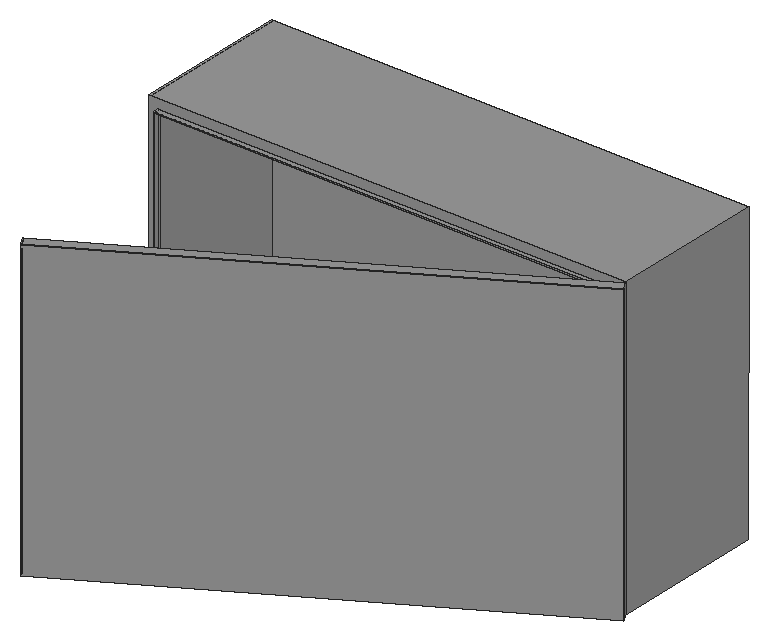
Revit family "Hager-Univers-IP55-D275-H500-Cl.II-Steel_encl-NoHosted-NL-en", category Equipement électrique, Revit 2020
Family settings
  Configuration du panneau = Deux colonnes, circuits au sein
  Cote de connecteur circulaire = Utiliser le diamètre
  Type d'élément = Tableau de raccordement
  Basée sur le plan de construction = Oui
  Toujours verticalement = Oui
  Couper avec des vides une fois chargée = Non
  Partagée = Non
  Point de calcul de pièce = Non
Parameters (values of type "Surface mounted (plaster) IP55 W800 H500 D275  - FR33S")
  Width Control [instance] = if([EF000008 - Width] > Min Width, [EF000008 - Width], Min Width)  # 800 mm
  Commentaires du type = [HG000003 - Range]  # "Univers"
  Thickness Door [instance] = if([EF009171 - Material plate thickness door/cover] > 3 mm, 3 mm, [EF009171 - Material plate thickness door/cover])  # 1.5 mm
  Seal Frame Offset [instance] = 17 mm  # constant formula
  Plinth Visibility [instance] = [HG000027 - Plinth height] > 0 mm  # no
  Min Width [instance] = 100 mm  # constant formula
  Min Depth [instance] = (2 * [EF009170 - Material plate thickness cabinet]) + 1 mm  # 4 mm
  Min Height [instance] = 100 mm  # constant formula
  Internal Frame Depth [instance] = (Door System Depth * 0.5)  # 9 mm
  Panel Name [instance] = ""  # (empty or 0)
  Model = ""
  HG000027 - Plinth height = 0 mm
  HG000026 - Floor standing = no
  HG000024 - Bottom section height = 600 mm
  HG000023 - Double section enclosure = no
  HG000016 - Door 3d visibility [instance] = yes
  HG000015 - Clearance visibility [instance] = no
  HG000014 - Door on the right [instance] = yes
  HG000013 - Door on the left [instance] = not([HG000014 - Door on the right])  # no
  HG000012 - Door swing angle [instance] = 30.00°
  HG000010 - Asymmetric doors = no
  HG000009 - Double swing door = no
  HG000006 - Flush mounted = no
  HG000004 - Manufacturer reference = "FR33S"
  HG000003 - Range = "Univers"
  HG000002 - With door or cover = yes
  Frame Offset Bottom [instance] = 10 mm  # constant formula
  Frame Offset [instance] = 15 mm  # constant formula
  EF015940 - Cover with overpressure release = no
  EF011959 - Degree of protection (NEMA) = ""
  EF009554 - Number of openings for flange plates = 6
  EF009212 - Cover model = "EV000116 - Closed"
  EF009171 - Material plate thickness door/cover = 1.5 mm
  EF009170 - Material plate thickness cabinet = 1.5 mm
  EF008873 - Nominal current (In) = 800 A
  EF007800 - Suitable for lightning protection = no
  EF006306 - With lock = no
  EF006244 - Transparent cover/door = no
  EF005474 - Degree of protection (IP) = "EV006420 - IP55"
  EF004464 - Type of door = "EV002646 - Single"
  EF004427 - Number of modules = 108
  EF004293 - Impact strength = "EV008784 - IK10"
  EF003532 - Suitable for outdoor use = no
  EF002950 - Width in number of modular spacings = 24
  EF001613 - Circuit integrity = "EV000494 - None"
  EF001596 - Material housing = "EV000179 - Steel"
  EF001131 - Internal depth = 275 mm
  EF001088 - Extension possible = yes
  EF000437 - Number of conduit inlets = 6
  EF000339 - Type of cover = "EV004216 - Door"
  EF000266 - Number of rows = 3
  EF000218 - Built-in depth = 0 mm
  EF000118 - With mounting plate = no
  EF000116 - RAL-number = "7035"
  EF000049 - Depth = 275 mm
  EF000040 - Height = 500 mm
  EF000008 - Width = 800 mm
  EF000007 - Colour = "EV000270 - Grey"
  EF000003 - Mounting method = "EV000384 - Surface mounted (plaster)"
  Door System Leaf Tolerance [instance] = 1.5 mm  # constant formula
  Door System Depth [instance] = 18 mm  # constant formula
  Door Height [instance] = Height Control - [HG000027 - Plinth height]  # 500 mm
  Description = ""
  Default Elevation = 1219.2 mm
  Connector Offset [instance] = Height Control / 2  # 250 mm
  Fabricant = "Hager"  # constant formula
  Height Control [instance] = if([EF000040 - Height] > Min Height, [EF000040 - Height], Min Height)  # 500 mm
  Depth Control [instance] = if([EF000049 - Depth] > Min Depth, [EF000049 - Depth], Min Depth)  # 275 mm
  Bottom Top Plate Trim [instance] = 1.5 mm  # constant formula
  Plinth height Ctrl [instance] = if([HG000027 - Plinth height] > 0 mm, [HG000027 - Plinth height], 12 mm)  # 12 mm
Types (5, lengths in mm): name | Width Control | HG000010 - Asymmetric doors | HG000009 - Double swing door | HG000004 - Manufacturer reference | EF009554 - Number of openings for flange plates | EF004464 - Type of door | EF004427 - Number of modules | EF000437 - Number of conduit inlets | EF000008 - Width
  Surface mounted (plaster) IP55 W1050 H500 D275  - FR34S | 1050 | no | yes | "FR34S" | 8 | "EV003602 - Double" | 144 | 8 | 1050
  Surface mounted (plaster) IP55 W1300 H500 D275  - FR35S | 1300 | yes | yes | "FR35S" | 10 | "EV003602 - Double" | 180 | 10 | 1300
  Surface mounted (plaster) IP55 W300 H500 D275  - FR31S | 300 | no | no | "FR31S" | 2 | "EV002646 - Single" | 36 | 2 | 300
  Surface mounted (plaster) IP55 W550 H500 D275  - FR32S | 550 | no | no | "FR32S" | 4 | "EV002646 - Single" | 72 | 4 | 550
  Surface mounted (plaster) IP55 W800 H500 D275  - FR33S | 800 | no | no | "FR33S" | 6 | "EV002646 - Single" | 108 | 6 | 800
Reference planes
  plane 1 "Center (Front/Back)": y = 0
  plane 2: z = 0
  plane 3 "Center (Left/Right)": x = 0
  plane 4: y = 0
  plane 5: y = 0
  plane 6: z = 0
  plane 7: x = -400
  plane 8: x = 400
  plane 9: x = 398.5
  plane 10: x = -398.5
  plane 11: z = 0
  plane 12: z = 1.5
  plane 13: y = -275
  plane 14: y = -1.5
  plane 15: x = 0
  plane 16: y = -257
  plane 17: y = -273.5
  plane 18: y = -255.5
  plane 19: x = -383.5
  plane 20: x = 383.5
  plane 21: z = 11.5
  plane 22: x = -383
  plane 23: x = 383
  plane 24: z = 0
  plane 25: z = 500
  plane 26: z = 500
  plane 27: z = 483.5
  plane 28: z = 498.5
Forms (mm)
  Extrusion 1, solid, material "Hager_Steel_RAL7035_Light_Grey", detail levels medium+fine
    sketch origin (-208.679, -4572, 0) x (-1, 0, 0) y (0, -1, 0)
      loop
        line (191.321, -4315) -> (-608.679, -4315) -> (-608.679, -4572) -> (191.321, -4572) -> (191.321, -4315)
    from 0 to 500
  Extrusion 2, void
    sketch origin (-350.771, -275, 1219.2) x (1, 0, 0) y (0, 0, 1)
      loop
        line (-47.729, -720.7) -> (-47.729, -1217.7) -> (749.271, -1217.7) -> (749.271, -720.7) -> (-47.729, -720.7)
    from -19.5 to -273.5
  Extrusion 3, void
    sketch origin (-290.084, -257, 1219.2) x (1, 0, 0) y (0, 0, 1)
      loop
        line (-93.416, -1207.7) -> (673.584, -1207.7) -> (673.584, -735.7) -> (-93.416, -735.7) -> (-93.416, -1207.7)
    from 0 to -1.5
  Extrusion 4, solid, material "Hager_Steel_RAL7035_Light_Grey", visible <- "Plinth Visibility", detail levels medium+fine
    sketch origin (0, 0, 0) x (1, 0, 0) y (0, 1, 0)
      loop
        line (-400, 0) -> (-400, -257) -> (400, -257) -> (400, 0) -> (-400, 0)
    from 0 to 12 <- "Plinth height Ctrl"
  Extrusion 5, solid, material "Hager_Steel_RAL7035_Light_Grey", detail levels coarse
    sketch origin (0, 0, 0) x (1, 0, 0) y (0, 1, 0)
      loop
        line (-400, 0) -> (-400, -275) -> (400, -275) -> (400, 0) -> (-400, 0)
    from 0 to 500 <- "Height Control"
  Sweep 6, void
    path in 3D
      loop
        line (-400, -257, 12) -> (400, -257, 12) -> (400, 0, 12) -> (-400, 0, 12) -> (-400, -257, 12)
    profile origin (-400, -128.5, 12) x (1, 0, 0) y (0, 0, 1)
      loop
        line (0, 0) -> (0, -1.5) -> (1.5, -1.5)
        arc (1.5, -1.5) -> (1.061, -0.439) -> (0, 0) r 1.5
  Extrusion 7, solid, material "Hager_Steel_RAL7035_Light_Grey", detail levels fine
    sketch origin (-400, -257, 0) x (1, 0, 0) y (0, 0, 1)
      loop
        line (16.5, 11.5) -> (783.5, 11.5) -> (783.5, 483.5) -> (16.5, 483.5) -> (16.5, 11.5)
      loop
        line (15, 10) -> (785, 10) -> (785, 485) -> (15, 485) -> (15, 10)
    from 0 to 9 <- "Internal Frame Depth"
Cuts and joins
  Extrusion 2, Extrusion 3 cuts Extrusion 1
  Sweep 6 cuts Extrusion 4
Lines and regions (mm)
  Masking region 1
    outline origin (0, 0, 0) x (1, 0, 0) y (0, 1, 0)
      loop
        line (-400, 0) -> (-400, -275) -> (400, -275) -> (400, 0) -> (-400, 0)
  Masking region 2, detail levels coarse
    outline origin (-290.084, -257, 1219.2) x (-1, 0, 0) y (0, 0, 1)
      loop
        line (-690.084, -1219.2) -> (109.916, -1219.2) -> (109.916, -719.2) -> (-690.084, -719.2) -> (-690.084, -1219.2)
  Masking region 3, detail levels coarse
    outline origin (0, 0, 0) x (0, 1, 0) y (0, 0, 1)
      loop
        line (0, 0) -> (0, 500) -> (-275, 500) -> (-275, 0) -> (0, 0)
  Masking region 4, visible <- "Plinth Visibility", detail levels medium+fine
    outline origin (0, 0, 0) x (0, 1, 0) y (0, 0, 1)
      loop
        line (-1.5, 12) -> (-255.5, 12)
        arc (-255.5, 12) -> (-255.939, 10.939) -> (-257, 10.5) r 1.5
        line (-257, 10.5) -> (-257, 0) -> (0, 0) -> (0, 10.5)
        arc (0, 10.5) -> (-1.061, 10.939) -> (-1.5, 12) r 1.5
  Masking region 5, detail levels medium+fine
    outline origin (0, 0, 594.038) x (0, 1, 0) y (0, 0, 1)
      loop
        line (0, -594.038) -> (0, -94.038) -> (-257, -94.038) -> (-257, -594.038) -> (0, -594.038)
  Masking region 6, detail levels medium+fine
    outline origin (-359.7, -257, 1211.883) x (-1, 0, 0) y (0, 0, 1)
      loop
        line (-759.7, -1211.883) -> (40.3, -1211.883) -> (40.3, -711.883) -> (-759.7, -711.883) -> (-759.7, -1211.883)
  Masking region 7, visible <- "Plinth Visibility", detail levels medium+fine
    outline origin (-320.334, -257, 1041.368) x (-1, 0, 0) y (0, 0, 1)
      loop
        line (-720.334, -1041.368) -> (79.666, -1041.368) -> (79.666, -1030.868)
        arc (79.666, -1030.868) -> (78.606, -1030.429) -> (78.166, -1029.368) r 1.5
        line (78.166, -1029.368) -> (-718.834, -1029.368)
        arc (-718.834, -1029.368) -> (-719.273, -1030.429) -> (-720.334, -1030.868) r 1.5
        line (-720.334, -1030.868) -> (-720.334, -1041.368)
  sketch lines
    curve 1: line (-400, 0, 12) -> (-400, -257, 12)
    curve 2: line (-400, -257, 12) -> (400, -257, 12)
    curve 3: line (400, 0, 12) -> (-400, 0, 12)
    curve 4: line (400, -257, 12) -> (400, 0, 12)
Dimensions and locks
  locked: plane 1 "Center (Front/Back)" to plane 5
  "EF009170 - Material plate thickness cabinet": plane 7 to plane 10
  "EF009170 - Material plate thickness cabinet": plane 8 to plane 9
  equal spacing: plane 7, plane 3 "Center (Left/Right)", plane 8
  "Width Control": plane 7 to plane 8
  "Depth Control": plane 4 to plane 13
  "EF009170 - Material plate thickness cabinet": plane 4 to plane 14
  "Height Control": plane 25 to level
  "HG000027 - Plinth height": plane 11 to level
  "EF009170 - Material plate thickness cabinet": plane 12 to plane 11
  "EF009170 - Material plate thickness cabinet": plane 17 to plane 13
  "EF009170 - Material plate thickness cabinet": plane 18 to plane 16
  "Frame Offset Bottom": plane 21 to plane 12
  "Frame Offset": plane 10 to plane 19
  "Frame Offset": plane 9 to plane 20
  "Door System Depth": plane 16 to plane 13
  "Seal Frame Offset": plane 7 to plane 22
  "Seal Frame Offset": plane 8 to plane 23
  "EF009170 - Material plate thickness cabinet": plane 26 to plane 28
  "Frame Offset": plane 28 to plane 27
  "Connector Offset": plane 2 to connector elem
  "Bottom Top Plate Trim": profile plane to Sweep 6 sketch curve
  "Bottom Top Plate Trim": Sweep 6 sketch curve to Sweep 6 sketch curve
  "Plinth height Ctrl": Masking region 4 sketch curve to level
  "Plinth height Ctrl": Masking region 7 sketch curve to level
  "Thickness Door": Extrusion 7 sketch curve to Extrusion 7 sketch curve  (x4)
  "Bottom Top Plate Trim": radius of Sweep 6 sketch curve
  "Bottom Top Plate Trim": radius of Masking region 4 sketch curve  (x2)
  "Bottom Top Plate Trim": radius of Masking region 7 sketch curve  (x2)
  aligned and locked: Extrusion 2 sketch curve to plane 12
  aligned and locked: Extrusion 2 sketch curve to plane 9
  aligned and locked: Extrusion 2 sketch curve to plane 10
  aligned and locked: Extrusion 2 to plane 14
  aligned and locked: Extrusion 1 sketch curve to plane 4
  aligned and locked: plane 8 to Extrusion 1 sketch curve
  aligned and locked: plane 7 to Extrusion 1 sketch curve
  aligned and locked: Extrusion 2 to plane 18
  aligned and locked: plane 19 to Extrusion 3 sketch curve
  aligned and locked: plane 20 to Extrusion 3 sketch curve
  aligned and locked: Extrusion 3 to Extrusion 2
  aligned and locked: Extrusion 3 sketch curve to plane 21
  aligned and locked: plane 3 "Center (Left/Right)" to nested 1
  aligned and locked: Extrusion 1 sketch curve to plane 16
  aligned and locked: Extrusion 4 sketch curve to cut or joined group of Extrusion 1, Extrusion 2, Extrusion 3
  aligned and locked: Masking region 1 sketch curve to plane 7
  aligned and locked: Masking region 1 sketch curve to plane 5
  aligned and locked: Masking region 1 sketch curve to plane 8
  aligned and locked: Masking region 2 sketch curve to level
  aligned and locked: level to Masking region 3 sketch curve
  aligned and locked: plane 1 "Center (Front/Back)" to Masking region 3 sketch curve
  aligned and locked: plane 13 to Masking region 3 sketch curve
  aligned and locked: plane 5 to Masking region 4 sketch curve
  aligned and locked: Masking region 2 sketch curve to plane 8
  aligned and locked: Masking region 2 sketch curve to plane 7
  aligned and locked: plane 7 to nested 2
  aligned and locked: nested 2 to plane 5
  aligned and locked: plane 5 to Masking region 5 sketch curve
  aligned and locked: plane 26 to Masking region 5 sketch curve
  aligned and locked: Extrusion 5 sketch curve to plane 8
  aligned and locked: Extrusion 5 sketch curve to plane 7
  aligned and locked: Extrusion 5 sketch curve to plane 5
  aligned and locked: Extrusion 3 sketch curve to plane 27
  aligned and locked: Extrusion 2 sketch curve to plane 28
  aligned and locked: Masking region 2 to plane 25
  aligned and locked: Extrusion 4 to plane 16
  aligned and locked: profile plane to Sweep 6 sketch curve
  aligned and locked: Masking region 5 sketch curve to plane 24
  aligned and locked: level to Masking region 4 sketch curve
  aligned and locked: Masking region 1 to plane 13
  aligned and locked: nested 1 to plane 16
  aligned and locked: Masking region 3 to plane 25
  aligned and locked: plane 16 to Masking region 4 sketch curve
  aligned and locked: Masking region 5 sketch curve to plane 16
  aligned and locked: plane 24 to plane 11
  aligned and locked: plane 26 to plane 25
  aligned and locked: plane 26 to cut or joined group of Extrusion 1, Extrusion 2, Extrusion 3
  aligned and locked: nested 1 to plane 24
  aligned and locked: Extrusion 1 to Extrusion 3
  aligned and locked: Masking region 6 sketch curve to plane 8
  aligned and locked: Masking region 6 sketch curve to plane 24
  aligned and locked: Masking region 6 sketch curve to plane 7
  aligned and locked: Masking region 6 sketch curve to plane 26
  aligned and locked: Masking region 7 sketch curve to plane 7
  aligned and locked: level to Masking region 7 sketch curve
  aligned and locked: Masking region 7 sketch curve to plane 8
  aligned and locked: Extrusion 7 sketch curve to cut or joined group of Extrusion 1, Extrusion 2, Extrusion 3  (x4)
Automatic sketch dimensions
  plane 19 to Extrusion 3 sketch curve = 0 mm
  Extrusion 3 sketch curve to plane 20 = 0 mm
  Extrusion 3 sketch curve to plane 21 = 0 mm
  Extrusion 4 sketch curve to plane 7 = 0 mm
  Extrusion 4 sketch curve to plane 8 = 0 mm
  Extrusion 4 sketch curve to plane 16 = 0 mm
  Masking region 1 sketch curve to plane 13 = 0 mm
  Masking region 2 sketch curve to plane 25 = 0 mm
  Masking region 3 sketch curve to plane 25 = 0 mm
  Extrusion 5 sketch curve to plane 13 = 0 mm
  profile plane to Sweep 6 sketch curve = 0 mm
Nested families
  nested 1: "EC000058_Univers_Door" at (0, -257, 0), Double <- "HG000009 - Double swing door", Transparent <- "EF006244 - Transparent cover/door", Angle <- "HG000012 - Door swing angle", Door_Right <- "HG000014 - Door on the right", Assymetrical <- "HG000010 - Asymmetric doors", Door <- "HG000002 - With door or cover", Width_Ctrl <- "Width Control", 3d_Door <- "HG000016 - Door 3d visibility", Clearance <- "HG000015 - Clearance visibility", Door_Left <- "HG000013 - Door on the left", Width <- "Width Control", Door_Depth <- "Door System Depth", Leaf_Tolerance <- "Door System Leaf Tolerance", Height <- "Door Height", Lock_Visibility <- "EF006306 - With lock", Thickness <- "Thickness Door", type "EC000058_Univers_Door", detail levels medium+fine
    with min_wh 4 mm, Width_Ctrl 800 mm, Width 800 mm, Transparent no, Thickness 1.5 mm, Seal_Material Hager_Rubber, Lock_Visibility no, Lock_Material Hager_Plastic_RAL9005_Jet_Black, Leaf_Width 800 mm, Leaf_Tolerance_External_Sides 0 mm, Leaf_Tolerance 1.5 mm, Leaf_Offset 0 mm, Leaf_Height 497 mm, Leaf_2_Width 800 mm, Leaf_2_Offset 400 mm, Leaf_1_Width 800 mm, Leaf_1_Offset 400 mm, Height_Ctrl 500 mm, Height 500 mm, Glass_Material Hager_Glass, Double_Clearance_Ctrl no, Double no, Door_Right_Ctrl yes, Door_Right yes, Door_Material Hager_Steel_RAL7035_Light_Grey, Door_Left_Ctrl no, Door_Left no, Door_Depth 18 mm, Door yes, Clearance_Material Hager_Clearance, Clearance_Depth 800 mm, Clearance_Ctrl no, Clearance no, Assymetrical no, Angle 30.00°, 3d_Door yes
  nested 2: "Hager_Enclosure_Symbol" at (-400, 0, 0), Height <- "Depth Control", Width <- "Width Control", type "Hager_Enclosure_Symbol"
    with Width_Ctrl 800 mm, Width 800 mm, Height_Ctrl 275 mm, Height 275 mm, A_Width_Int 18.047 mm, A_Width 216.562 mm, A_Height_Ctrl 240.625 mm, A_Height 240.625 mm
Connectors
  electrical at (0, 0, 250)
    settings: on plane 1 "Center (Front/Back)", index 1, voltage 0 V, apparent load 0 VA, apparent load phase1 0 VA, apparent load phase2 0 VA, apparent load phase3 0 VA, power factor 1, load classification "Other", number of poles 1, system type 30, power factor state 1, is connector primary yes, connector utility no, sub classification motor no, connector description ""
Definition of nested family "EC000058_Univers_Door"
  Parameters (values of type "EC000058_Univers_Door")
    min_wh [instance] = (2 * Thickness) + 1 mm  # 11 mm
    Width_Ctrl [instance] = 400 mm
    Width [instance] = 500 mm
    Transparent [instance] = yes
    Thickness [instance] = 5 mm
    Seal_Material [instance] = none
    Lock_Visibility [instance] = yes
    Lock_Material [instance] = none
    Leaf_Width [instance] = if((Width_Ctrl - 2 * Leaf_Tolerance_External_Sides) > 0 mm, (Width_Ctrl - 2 * Leaf_Tolerance_External_Sides), min_wh)  # 400 mm
    Leaf_Tolerance_External_Sides [instance] = 0 mm  # constant formula
    Leaf_Tolerance [instance] = 1.5 mm
    Leaf_Offset [instance] = 0 mm  # constant formula
    Leaf_Height [instance] = if((Height_Ctrl - 2 * Leaf_Tolerance) > 0 mm, (Height_Ctrl - 2 * Leaf_Tolerance), min_wh)  # 497 mm
    Leaf_2_Width [instance] = if(and(and(Double, Assymetrical), Door_Left), (Leaf_Width / 3) - (Leaf_Tolerance / 2), if(and(and(Double, Assymetrical), Door_Right), (Leaf_Width / 3) * 2 - (Leaf_Tolerance / 2), if(and(Double, not(Assymetrical)), (Leaf_Width / 2) - Leaf_Tolerance, Leaf_Width)))  # 400 mm
    Leaf_2_Offset [instance] = if(and(Double, Assymetrical), Leaf_2_Width / 2, if(and(Double, not(Assymetrical)), Leaf_Width / 4, Leaf_Width / 2))  # 200 mm
    Leaf_1_Width [instance] = if(and(and(Double, Assymetrical), Door_Right), (Leaf_Width / 3) - (Leaf_Tolerance / 2), if(and(and(Double, Assymetrical), Door_Left), (Width / 3) * 2 - (Leaf_Tolerance / 2), if(and(Double, not(Assymetrical)), (Leaf_Width / 2) - Leaf_Tolerance, Leaf_Width)))  # 400 mm
    Leaf_1_Offset [instance] = if(and(Double, Assymetrical), Leaf_1_Width / 2, if(and(Double, not(Assymetrical)), Leaf_Width / 4, Leaf_Width / 2))  # 200 mm
    Height_Ctrl [instance] = if(Height > min_wh, Height, min_wh)  # 500 mm
    Height [instance] = 500 mm
    Glass_Material [instance] = none
    Double_Clearance_Ctrl [instance] = and(Double, Clearance)  # no
    Double [instance] = no
    Door_Right_Ctrl [instance] = and(or(Door_Right, Double), Door)  # yes
    Door_Right [instance] = yes
    Door_Material [instance] = none
    Door_Left_Ctrl [instance] = and(or(Door_Left, Double), Door)  # no
    Door_Left [instance] = no
    Door_Depth [instance] = 30 mm
    Door [instance] = yes
    Default Elevation = 1219.2 mm
    Clearance_Material [instance] = none
    Clearance_Depth [instance] = if(Leaf_1_Width > Leaf_2_Width, Leaf_1_Width, Leaf_2_Width)  # 400 mm
    Clearance_Ctrl [instance] = and(not(Double), Clearance)  # yes
    Clearance [instance] = yes
    Assymetrical [instance] = yes
    Angle [instance] = 30.00°
    3d_Door [instance] = yes
  Reference planes
    plane 1 "Center (Front/Back)": y = 0
    plane 2 "Bottom": z = 0
    plane 3 "Center (Left/Right)": x = 0
    plane 4: z = 500
    plane 5: x = -200
    plane 6: x = 200
    plane 7: z = 500
    plane 8: x = -200
    plane 9: z = 0
    plane 10: x = 200
    plane 11: y = 0
    plane 12: z = 1.5
    plane 13: x = -600
    plane 14: y = -400
    plane 15: x = 600
    plane 16: x = 0
    plane 17: x = 0
    plane 18: x = -200
    plane 19: x = 200
    plane 20: z = 498.5
  Forms (mm)
    Extrusion 1, solid, material <- "Clearance_Material", visible <- "Double_Clearance_Ctrl"
      sketch origin (1200, 0, 0) x (1, 0, 0) y (0, 0, -1)
        loop
          line (-1800, -498.5) -> (-600, -498.5) -> (-600, 0) -> (-1800, 0) -> (-1800, -498.5)
      from 0 to -400
  Dimensions and locks
    equal spacing: plane 5, plane 3 "Center (Left/Right)", plane 6
    "Width_Ctrl": plane 5 to plane 6
    "Leaf_Offset": plane 5 to plane 8
    "Leaf_Offset": plane 6 to plane 10
    "Leaf_Offset": plane 9 to level
    "Leaf_Offset": plane 4 to plane 7
    "Height_Ctrl": plane 4 to level
    "Leaf_Tolerance": plane 12 to plane 9
    locked: plane 11 to plane 1 "Center (Front/Back)"
    "Leaf_1_Offset": plane 18 to plane 16
    "Leaf_2_Offset": plane 17 to plane 19
    "Leaf_1_Width": plane 13 to plane 8
    "Leaf_2_Width": plane 10 to plane 15
    "Clearance_Depth": plane 14 to plane 1 "Center (Front/Back)"
    "Leaf_Tolerance_External_Sides": plane 8 to plane 18
    "Leaf_Tolerance_External_Sides": plane 19 to plane 10
    "Leaf_Tolerance": plane 7 to plane 20
    aligned and locked: level to plane 2 "Bottom"
    aligned and locked: nested 1 to plane 16
    aligned and locked: nested 2 to plane 17
    aligned and locked: Extrusion 1 to plane 13
    aligned and locked: plane 15 to Extrusion 1
    aligned and locked: Extrusion 1 to plane 14
    aligned and locked: plane 12 to nested 1
    aligned and locked: nested 2 to plane 12
    aligned and locked: Extrusion 1 to plane 11
    aligned and locked: plane 20 to Extrusion 1
    aligned and locked: nested 2 to plane 11
    aligned and locked: nested 1 to plane 11
  Automatic sketch dimensions
    Extrusion 1 sketch curve to level = 0 mm
    plane 5 to Extrusion 1 sketch curve = 400 mm
    plane 6 to Extrusion 1 sketch curve = 400 mm
    Extrusion 1 sketch curve to plane 4 = 1.5 mm
  Nested families
    nested 1: "EC000058_Univers_Door_Leaf" at (0, 0, 1.5), Width <- "Leaf_1_Width", visible <- "Door_Left_Ctrl", Leaf_Height <- "Leaf_Height", Angle <- "Angle", 3d_Door <- "3d_Door", Transparent <- "Transparent", Clearance Material <- "Clearance_Material", Clearance <- "Clearance_Ctrl", Door_Material <- "Door_Material", Glass_Material <- "Glass_Material", Door_Depth <- "Door_Depth", Lock_Material <- "Lock_Material", Seal_Material <- "Seal_Material", Lock_Visibility <- "Lock_Visibility", Thickness <- "Thickness", type "EC000058_Univers_Door_Leaf"
      with Width 400 mm, Transparent_Glass_Offset 30 mm, Transparent_Ctrl yes, Transparent yes, Thickness 5 mm, Standard no, Seal_Material none, Seal_D2 8 mm, Seal_D1 1 mm, Offset_Internal_Frame 10 mm, Lock_Width 20 mm, Lock_Visibility_3d yes, Lock_Visibility yes, Lock_Thickness_3 3 mm, Lock_Thickness_2 1 mm, Lock_Thickness_1 3 mm, Lock_Radius_Offset_2 16 mm, Lock_Radius_Offset_1 15 mm, Lock_Radius_2 5 mm, Lock_Radius 6 mm, Lock_Offset 5 mm, Lock_Material none, Lock_Height 80 mm, Lock_Cover_Top_Offset_2d 17 mm, Lock_Cover_Height -65 mm, Leaf_Height 497 mm, Internal_Seal_Thickness 8 mm, Internal_Seal_Depth_2 4.5 mm, Internal_Frame_Depth 25 mm, Glass_Thickness -1 mm, Glass_Offset -2 mm, Glass_Material none, Door_Material none, Door_Depth 30 mm, Clearance Material none, Clearance yes, Angle_Ctrl 30.00°, Angle 30.00°, 3d_Door yes
    nested 2: "EC000058_Univers_Door_Leaf" at (0, 0, 1.5) x (-1, 0, 0) z (0, 0, 1), Width <- "Leaf_2_Width", visible <- "Door_Right_Ctrl", Leaf_Height <- "Leaf_Height", Angle <- "Angle", 3d_Door <- "3d_Door", Transparent <- "Transparent", Clearance Material <- "Clearance_Material", Clearance <- "Clearance_Ctrl", Door_Material <- "Door_Material", Glass_Material <- "Glass_Material", Door_Depth <- "Door_Depth", Lock_Material <- "Lock_Material", Seal_Material <- "Seal_Material", Lock_Visibility <- "Lock_Visibility", Thickness <- "Thickness", type "EC000058_Univers_Door_Leaf"
      with Width 400 mm, Transparent_Glass_Offset 30 mm, Transparent_Ctrl yes, Transparent yes, Thickness 5 mm, Standard no, Seal_Material none, Seal_D2 8 mm, Seal_D1 1 mm, Offset_Internal_Frame 10 mm, Lock_Width 20 mm, Lock_Visibility_3d yes, Lock_Visibility yes, Lock_Thickness_3 3 mm, Lock_Thickness_2 1 mm, Lock_Thickness_1 3 mm, Lock_Radius_Offset_2 16 mm, Lock_Radius_Offset_1 15 mm, Lock_Radius_2 5 mm, Lock_Radius 6 mm, Lock_Offset 5 mm, Lock_Material none, Lock_Height 80 mm, Lock_Cover_Top_Offset_2d 17 mm, Lock_Cover_Height -65 mm, Leaf_Height 497 mm, Internal_Seal_Thickness 8 mm, Internal_Seal_Depth_2 4.5 mm, Internal_Frame_Depth 25 mm, Glass_Thickness -1 mm, Glass_Offset -2 mm, Glass_Material none, Door_Material none, Door_Depth 30 mm, Clearance Material none, Clearance yes, Angle_Ctrl 30.00°, Angle 30.00°, 3d_Door yes
  Definition of nested family "EC000058_Univers_Door_Leaf"
    Parameters (values of type "EC000058_Univers_Door_Leaf")
      Width [instance] = 2000 mm
      Transparent_Glass_Offset [instance] = 30 mm
      Transparent_Ctrl [instance] = and(Transparent, [3d_Door])  # yes
      Transparent [instance] = yes
      Thickness [instance] = 5 mm
      Standard [instance] = and(not(Transparent), [3d_Door])  # no
      Seal_Material [instance] = none
      Seal_D2 [instance] = 8 mm  # constant formula
      Seal_D1 [instance] = 1 mm  # constant formula
      Offset_Internal_Frame [instance] = 10 mm  # constant formula
      Lock_Width [instance] = 20 mm  # constant formula
      Lock_Visibility_3d [instance] = and(Lock_Visibility, [3d_Door])  # yes
      Lock_Visibility [instance] = yes
      Lock_Thickness_3 [instance] = 3 mm  # constant formula
      Lock_Thickness_2 [instance] = 1 mm  # constant formula
      Lock_Thickness_1 [instance] = 3 mm  # constant formula
      Lock_Radius_Offset_2 [instance] = Lock_Radius_Offset_1 + 1 mm  # 16 mm
      Lock_Radius_Offset_1 [instance] = 15 mm  # constant formula
      Lock_Radius_2 [instance] = Lock_Radius - 1 mm  # 5 mm
      Lock_Radius [instance] = 6 mm  # constant formula
      Lock_Offset [instance] = 5 mm  # constant formula
      Lock_Material [instance] = none
      Lock_Height [instance] = 80 mm  # constant formula
      Lock_Cover_Top_Offset_2d [instance] = Lock_Radius_Offset_2 + 1 mm  # 17 mm
      Lock_Cover_Height [instance] = -(Lock_Height - Lock_Radius_Offset_1)  # -65 mm
      Leaf_Height [instance] = 2720.336 mm
      Internal_Seal_Thickness [instance] = 8 mm  # constant formula
      Internal_Seal_Depth_2 [instance] = 4.5 mm  # constant formula
      Internal_Frame_Depth [instance] = if(Door_Depth - Thickness > 5 mm, Door_Depth - Thickness, 5 mm)  # 25 mm
      Glass_Thickness [instance] = if(Thickness > 15 mm, Glass_Offset + 10 mm, -1 mm)  # -1 mm
      Glass_Offset [instance] = if(Thickness > 15 mm, -(Thickness + 10 mm) / 2, -2 mm)  # -2 mm
      Glass_Material [instance] = none
      Door_Material [instance] = none
      Door_Depth [instance] = 30 mm
      Default Elevation = 0 mm
      Clearance Material [instance] = none
      Clearance [instance] = yes
      Angle_Ctrl [instance] = if(Angle > 180.00°, 180.00°, Angle)  # 90.00°
      Angle [instance] = 90.00°
      3d_Door [instance] = yes
    Reference planes
      plane 1 "Center (Front/Back)": y = 0
      plane 2: z = 0
      plane 3 "Center (Left/Right)": x = 0
      plane 4: y = 2000
      plane 5: x = -1000
      plane 6: x = 1000
      plane 7: x = -3000
      plane 8: z = 2720.336
      plane 9: z = 30
      plane 10: z = 2690.336
      plane 11: x = 970
      plane 12: x = -970
      plane 13: y = -3
      plane 14: z = 107.833
      plane 15: y = -5
      plane 16: y = -223.314
      plane 17: x = -1000
      plane 18: z = 1360.168
      plane 19: y = 30
    Forms (mm)
      Extrusion 1, solid, material <- "Clearance Material", visible <- "Clearance"
        sketch origin (0, 0, 0) x (1, 0, 0) y (0, 0, 1)
          loop
            line (-3000, 2720.336) -> (-3000, 0) -> (1000, 0) -> (1000, 2720.336) -> (-3000, 2720.336)
        from 0 to -2000
      Extrusion 2, solid, material <- "Door_Material", visible <- "Standard", detail levels medium+fine
        sketch origin (-1000, 0, 0) x (0, 1, 0) y (-1, 0, 0)
          loop
            line (0, 30) -> (0, 25) -> (2000, 25) -> (2000, 30) -> (0, 30)
        from 0 to 2720.336 <- "Leaf_Height"
      Extrusion 3, solid, material <- "Door_Material", visible <- "Transparent_Ctrl", detail levels medium+fine
        sketch origin (-1000, 0, 0) x (0, 1, 0) y (-1, 0, 0)
          loop
            line (0, 25) -> (2000, 25) -> (2000, 30) -> (0, 30) -> (0, 25)
        from 0 to 2720.336 <- "Leaf_Height"
      Extrusion 4, void
        sketch origin (-1025, 2000, 0) x (0, 1, 0) y (0, 0, -1)
          loop
            line (-30, -2690.336) -> (-30, -30) -> (-1970, -30) -> (-1970, -2690.336) -> (-30, -2690.336)
        from 0 to 5 <- "Thickness"
      Sweep 5, solid, material <- "Seal_Material", visible <- "Transparent_Ctrl", detail levels fine
        path in 3D
          loop
            line (-1025, 30, 30) -> (-1025, 30, 2690.336) -> (-1025, 1970, 2690.336) -> (-1025, 1970, 30) -> (-1025, 30, 30)
        profile origin (-1025, 1000, 30) x (1, 0, 0) y (0, 0, 1)
          loop
            line (0, 0) -> (0, -8) -> (1, -8) -> (1, 0) -> (0, 0)
      Extrusion 6, solid, material <- "Glass_Material", visible <- "Transparent_Ctrl", detail levels medium+fine
        sketch origin (-1030, 0, 0) x (0, 1, 0) y (0, 0, -1)
          loop
            line (1970, -2690.336) -> (1970, -30) -> (30, -30) -> (30, -2690.336) -> (1970, -2690.336)
        from -2 <- "Glass_Offset" to -1 <- "Glass_Thickness"
      Extrusion 7, solid, material <- "Door_Material", visible <- "3d_Door", detail levels medium+fine
        sketch origin (-1025, 2000, 0) x (0, -1, 0) y (0, 0, -1)
          loop
            line (0, -2720.336) -> (2000, -2720.336) -> (2000, 0) -> (0, 0) -> (0, -2720.336)
          loop
            line (1995, -5) -> (5, -5) -> (5, -2715.336) -> (1995, -2715.336) -> (1995, -5)
        from 0 to 25 <- "Internal_Frame_Depth"
      Sweep 8, solid, material <- "Seal_Material", visible <- "Transparent_Ctrl", detail levels fine
        path in 3D
          loop
            line (-1025, 0, 0) -> (-1025, 2000, 0) -> (-1025, 2000, 2720.336) -> (-1025, 0, 2720.336) -> (-1025, 0, 0)
        profile origin (-1025, 0, 1360.168) x (1, 0, 0) y (0, 1, 0)
          loop
            line (0, 10) -> (2.975, 10)
            arc (2.975, 10) -> (4.053, 10.447) -> (4.5, 11.525) r 1.525
            line (4.5, 11.525) -> (4.5, 16.527)
            arc (4.5, 16.527) -> (4.069, 17.569) -> (3.027, 18) r 1.473
            line (3.027, 18) -> (0, 18) -> (0, 10)
      Extrusion 9, solid, material <- "Lock_Material", visible <- "Lock_Visibility_3d", detail levels fine
        sketch origin (-1030, 0, 0) x (0, 1, 0) y (0, 0, -1)
          loop
            arc (1993.5, -1400.168) -> (1994.561, -1399.729) -> (1995, -1398.668) r 1.5
            line (1995, -1398.668) -> (1995, -1320.168) -> (1975, -1320.168) -> (1975, -1398.668)
            arc (1975, -1398.668) -> (1975.439, -1399.729) -> (1976.5, -1400.168) r 1.5
            line (1976.5, -1400.168) -> (1993.5, -1400.168)
        from 3 <- "Lock_Thickness_1" to 0
      Blend 10, solid, material <- "Lock_Material", visible <- "Lock_Visibility_3d", detail levels fine
        base sketch origin (-1033, 0, 0) x (0, 1, 0) y (0, 0, -1)
          loop
            line (1975, -1320.168) -> (1975, -1398.668)
            arc (1975, -1398.668) -> (1975.439, -1399.729) -> (1976.5, -1400.168) r 1.5
            line (1976.5, -1400.168) -> (1993.5, -1400.168)
            arc (1993.5, -1400.168) -> (1994.561, -1399.729) -> (1995, -1398.668) r 1.5
            line (1995, -1398.668) -> (1995, -1320.168) -> (1975, -1320.168)
        top sketch origin (-1033, 0, 0) x (0, 1, 0) y (0, 0, -1)
          loop
            line (1976, -1320.168) -> (1976, -1398.668)
            arc (1976, -1398.668) -> (1976.146, -1399.022) -> (1976.5, -1399.168) r 0.5
            line (1976.5, -1399.168) -> (1993.5, -1399.168)
            arc (1993.5, -1399.168) -> (1993.854, -1399.022) -> (1994, -1398.668) r 0.5
            line (1994, -1398.668) -> (1994, -1320.168) -> (1976, -1320.168)
        from 0 to 1 <- "Lock_Thickness_2"
      Blend 11, solid, material <- "Lock_Material", visible <- "Lock_Visibility_3d", detail levels fine
        base sketch origin (-1034, 0, 0) x (0, 1, 0) y (0, 0, -1)
          loop
            line (1978, -1320.168) -> (1978, -1384.168)
            arc (1978, -1384.168) -> (1985, -1391.168) -> (1992, -1384.168) r 7
            line (1992, -1384.168) -> (1992, -1320.168) -> (1978, -1320.168)
        top sketch origin (-1034, 0, 0) x (0, 1, 0) y (0, 0, -1)
          loop
            line (1991, -1320.168) -> (1979, -1320.168) -> (1979, -1383.168)
            arc (1979, -1383.168) -> (1985, -1389.168) -> (1991, -1383.168) r 6
            line (1991, -1383.168) -> (1991, -1320.168)
        from 0 to 3 <- "Lock_Thickness_3"
      Extrusion 12, solid, material <- "Lock_Material", visible <- "Lock_Visibility_3d", detail levels fine
        sketch origin (-1030, 1975, 1320.168) x (1, 0, 0) y (0, -1, 0)
          loop
            line (-7, -19) -> (-7, -1) -> (0, -1) -> (0, 0) -> (-8, 0) -> (-8, -20) -> (0, -20) -> (0, -19) -> (-7, -19)
        from 0 to -65 <- "Lock_Cover_Height"
      Extrusion 13, void
        sketch origin (-1038, 1995, 1320.168) x (-1, 0, 0) y (0, 0, -1)
          loop
            line (-5, -65) -> (0, -65) -> (-5, -60) -> (-5, -65)
        from 0 to 20 <- "Lock_Width"
      Extrusion 14, void
        sketch origin (-1038, 1975, 1320.168) x (0, -1, 0) y (0, 0, -1)
          loop
            circle (-10, -15.995) r 6
          loop
            circle (-10, -15.995) r 5
        from 0 to 2
      Extrusion 15, solid, material <- "Lock_Material", visible <- "Lock_Visibility_3d", detail levels medium
        sketch origin (-1030, 0, 0) x (0, 1, 0) y (0, 0, -1)
          loop
            arc (1993.5, -1400.168) -> (1994.561, -1399.729) -> (1995, -1398.668) r 1.5
            line (1995, -1398.668) -> (1995, -1320.168) -> (1975, -1320.168) -> (1975, -1398.668)
            arc (1975, -1398.668) -> (1975.439, -1399.729) -> (1976.5, -1400.168) r 1.5
            line (1976.5, -1400.168) -> (1993.5, -1400.168)
        from 8 to 0
    Cuts and joins
      Extrusion 4 cuts Extrusion 3
      Extrusion 13, Extrusion 14 cuts Extrusion 9
      Extrusion 14 cuts Blend 11
      Extrusion 13, Extrusion 14 cuts Extrusion 12
      joined: Extrusion 9, Blend 10, Blend 11, Extrusion 12
      Extrusion 14 cuts Extrusion 15
    Lines and regions (mm)
      Masking region 1, visible <- "Lock_Visibility", detail levels fine
        outline origin (0, 0, 0) x (0, 1, 0) y (0, 0, 1)
          loop
            line (30, 1320.168) -> (33, 1320.168) -> (33, 1400.168) -> (30, 1400.168) -> (30, 1320.168)
      Masking region 2, visible <- "Lock_Visibility", detail levels fine
        outline origin (0, 3.143, 0) x (0, 1, 0) y (0, 0, 1)
          loop
            line (29.857, 1354.168) -> (30.857, 1354.168) -> (30.857, 1366.168) -> (29.857, 1366.168) -> (29.857, 1354.168)
      Masking region 3, detail levels medium+fine
        outline origin (0, 0, 0) x (0, 1, 0) y (0, 0, 1)
          loop
            line (0, 0) -> (30, 0) -> (30, 2720.336) -> (0, 2720.336) -> (0, 0)
      Masking region 4, detail levels medium+fine
        outline origin (0, 0, 0) x (1, 0, 0) y (0, 0, 1)
          loop
            line (-1000, 2720.336) -> (-1000, 0) -> (1000, 0) -> (1000, 2720.336) -> (-1000, 2720.336)
      Masking region 5, visible <- "Lock_Visibility", detail levels fine
        outline origin (-47.116, 0, 0) x (1, 0, 0) y (0, 0, 1)
          loop
            arc (1024.616, 1399.168) -> (1023.556, 1398.729) -> (1023.116, 1397.668) r 1.5
            line (1023.116, 1397.668) -> (1023.116, 1320.168) -> (1041.116, 1320.168) -> (1041.116, 1397.668)
            arc (1041.116, 1397.668) -> (1040.677, 1398.729) -> (1039.616, 1399.168) r 1.5
            line (1039.616, 1399.168) -> (1024.616, 1399.168)
      Masking region 6, visible <- "Lock_Visibility", detail levels medium+fine
        outline origin (-25, 0, 0) x (1, 0, 0) y (0, 0, 1)
          loop
            arc (1001.5, 1400.168) -> (1000.439, 1399.729) -> (1000, 1398.668) r 1.5
            line (1000, 1398.668) -> (1000, 1320.168) -> (1020, 1320.168) -> (1020, 1398.668)
            arc (1020, 1398.668) -> (1019.561, 1399.729) -> (1018.5, 1400.168) r 1.5
            line (1018.5, 1400.168) -> (1001.5, 1400.168)
      Masking region 7, visible <- "Lock_Visibility", detail levels fine
        outline origin (-73.735, 0, 0) x (1, 0, 0) y (0, 0, 1)
          loop
            line (1051.735, 1382.168) -> (1065.735, 1382.168) -> (1065.735, 1384.168)
            arc (1065.735, 1384.168) -> (1058.735, 1391.168) -> (1051.735, 1384.168) r 7
            line (1051.735, 1384.168) -> (1051.735, 1382.168)
      Masking region 8, visible <- "Lock_Visibility", detail levels fine
        outline origin (-73.735, 0, 0) x (1, 0, 0) y (0, 0, 1)
          loop
            line (1052.735, 1382.168) -> (1064.735, 1382.168) -> (1064.735, 1383.168)
            arc (1064.735, 1383.168) -> (1058.735, 1389.168) -> (1052.735, 1383.168) r 6
            line (1052.735, 1383.168) -> (1052.735, 1382.168)
      Masking region 9, visible <- "Lock_Visibility", detail levels fine
        outline origin (-25, 0, 0) x (1, 0, 0) y (0, 0, 1)
          loop
            line (1020, 1320.168) -> (1020, 1382.168) -> (1000, 1382.168) -> (1000, 1320.168) -> (1020, 1320.168)
      Masking region 10, detail levels medium+fine
        outline origin (0, 0, 0) x (1, 0, 0) y (0, 0, 1)
          loop
            circle (985, 1335.144) r 6
      Masking region 11, detail levels fine
        outline origin (0, 0, 0) x (1, 0, 0) y (0, 0, 1)
          loop
            circle (985, 1335.144) r 5
      Masking region 12, visible <- "Lock_Visibility", detail levels fine
        outline origin (0, 12.767, 0) x (0, 1, 0) y (0, 0, 1)
          loop
            line (20.233, 1320.168) -> (21.233, 1320.168) -> (21.233, 1399.168) -> (20.233, 1400.168) -> (20.233, 1320.168)
      Masking region 13, visible <- "Lock_Visibility", detail levels fine
        outline origin (0, 13.767, -10) x (0, 1, 0) y (0, 0, 1)
          loop
            line (20.233, 1330.168) -> (23.233, 1330.168) -> (23.233, 1399.168) -> (20.233, 1402.168) -> (20.233, 1330.168)
      Masking region 14, visible <- "Lock_Visibility", detail levels fine
        outline origin (0, 12.767, -10) x (0, 1, 0) y (0, 0, 1)
          loop
            line (20.233, 1330.168) -> (25.233, 1330.168) -> (25.233, 1399.305) -> (20.233, 1394.305) -> (20.233, 1330.168)
      Masking region 15, visible <- "Lock_Visibility", detail levels medium
        outline origin (0, 0, 0) x (0, 1, 0) y (0, 0, 1)
          loop
            line (30, 1320.168) -> (38, 1320.168) -> (38, 1400.168) -> (30, 1400.168) -> (30, 1320.168)
      Masking region 16, visible <- "Lock_Visibility", detail levels fine
        outline origin (-1000, 0, 0) x (0, 1, 0) y (-1, 0, 0)
          loop
            line (1975, 30) -> (1995, 30) -> (1995, 38) -> (1975, 38) -> (1975, 30)
          loop
            line (1979, 37) -> (1976, 37) -> (1976, 34) -> (1978, 34) -> (1979, 37)
          loop
            line (1994, 37) -> (1991, 37) -> (1992, 34) -> (1994, 34) -> (1994, 37)
      Masking region 17, visible <- "Lock_Visibility", detail levels medium
        outline origin (-1000, 0, 0) x (0, 1, 0) y (-1, 0, 0)
          loop
            line (1975, 30) -> (1995, 30) -> (1995, 38) -> (1975, 38) -> (1975, 30)
      symbolic lines
        curve 1: line (1000, 0, 0) -> (-3000, 0, 0)
        curve 2: arc (1000, 0, 0) -> (-1000, 2000, 0) -> (-3000, 0, 0) r 2000
        curve 4: line (-1030, 0, 0) -> (-1030, 2000, 0)
      reference lines
        curve 3: line (-1000, 0, 0) -> (-1000, 2000, 0)
      symbolic lines, detail levels medium+fine
        curve 5: line (-1030, 2000, 0) -> (-1025, 2000, 0)
        curve 7: line (-1025, 0, 0) -> (-1030, 0, 0)
        curve 8: line (-1025, 0, 0) -> (-1000, 0, 0)
        curve 9: line (-1000, 0, 0) -> (-1000, 2000, 0)
        curve 10: line (-1000, 2000, 0) -> (-1025, 2000, 0)
      symbolic lines, detail levels fine
        curve 6: line (-1025, 2000, 0) -> (-1025, 0, 0)
      sketch lines
        curve 11: line (-1025, 0, 2720.336) -> (-1025, 0, 0)
        curve 12: line (-1025, 2000, 0) -> (-1025, 0, 0)
        curve 13: line (-1025, 2000, 2720.336) -> (-1025, 2000, 0)
        curve 14: line (-1025, 0, 2720.336) -> (-1025, 2000, 2720.336)
        curve 15: line (-1025, 1970, 30) -> (-1025, 30, 30)
        curve 16: line (-1025, 30, 30) -> (-1025, 30, 2690.336)
        curve 17: line (-1025, 1970, 2690.336) -> (-1025, 1970, 30)
        curve 18: line (-1025, 30, 2690.336) -> (-1025, 1970, 2690.336)
      symbolic lines, visible <- "Transparent", detail levels medium+fine
        curve 19: line (-970, 0, 2690.336) -> (970, 0, 2690.336)
        curve 20: line (-970, 0, 30) -> (-970, 0, 2690.336)
        curve 21: line (970, 0, 30) -> (-970, 0, 30)
        curve 22: line (970, 0, 2690.336) -> (970, 0, 30)
    Dimensions and locks
      "Width": plane 1 "Center (Front/Back)" to plane 4
      equal spacing: plane 5, plane 3 "Center (Left/Right)", plane 6
      "Width": plane 5 to plane 6
      "Width": plane 7 to plane 5
      "Leaf_Height": plane 8 to level
      "Width": curve 5 to curve 3
      "Width": curve 3 to curve 3
      plane 8 to plane 10 = 30 mm
      plane 9 to level = 30 mm
      plane 12 to plane 5 = 30 mm
      plane 6 to plane 11 = 30 mm
      Extrusion 1 to Extrusion 4 sketch curve = 30 mm
      "Transparent_Glass_Offset": curve 3 to Extrusion 4 sketch curve
      "Transparent_Glass_Offset": Extrusion 4 sketch curve to cut or joined group of Extrusion 3, Extrusion 4  (x2)
      cut or joined group of Extrusion 3, Extrusion 4 to Extrusion 6 sketch curve = 30 mm
      "Transparent_Glass_Offset": cut or joined group of Extrusion 3, Extrusion 4 to Extrusion 4 sketch curve
      "Thickness": curve 6 to curve 4
      "Thickness": Extrusion 7 sketch curve to Extrusion 7 sketch curve  (x4)
      "Door_Depth": curve 4 to curve 3
      "Offset_Internal_Frame": profile plane to Sweep 8 sketch curve
      "Internal_Seal_Thickness": Sweep 8 sketch curve to Sweep 8 sketch curve
      "Internal_Seal_Depth_2": profile plane to Sweep 8 sketch curve
      "Seal_D1": profile plane to Sweep 5 sketch curve
      "Seal_D2": profile plane to Sweep 5 sketch curve
      "Thickness": Extrusion 2 sketch curve to Extrusion 2 sketch curve
      equal spacing: Extrusion 9 sketch curve, plane 18, Extrusion 9 sketch curve  (x2)
      equal spacing: Masking region 1 sketch curve, plane 18, Masking region 1 sketch curve
      "Lock_Height": Masking region 1 sketch curve to Masking region 1 sketch curve
      "Lock_Radius": Masking region 2 sketch curve to plane 18 to Masking region 2 sketch curve
      Masking region 2 sketch curve to Masking region 1 = 1 mm
      "Door_Depth": plane 19 to plane 1 "Center (Front/Back)"
      "Lock_Thickness_1": Masking region 1 sketch curve to plane 19
      "Lock_Width": Extrusion 9 sketch curve to Extrusion 9 sketch curve
      "Lock_Height": Extrusion 9 sketch curve to Extrusion 9 sketch curve
      "Lock_Offset": cut or joined group of Extrusion 3, Extrusion 4 to Extrusion 9 sketch curve
      equal spacing: plane 8, plane 18, level
      "Lock_Radius_Offset_1": Blend 11 sketch curve to Blend 10
      locked: Blend 10 to Blend 11 sketch curve at 2  (x2)
      locked: var sketch to Blend 11 sketch curve at 1  (x2)
      "Lock_Radius_Offset_2": Blend 11 sketch curve to Blend 10
      locked: Extrusion 12 sketch curve to Extrusion 12 sketch curve at 1  (x3)
      Masking region 6 sketch curve to Masking region 6 sketch curve = 80 mm
      "Lock_Height": Masking region 6 sketch curve to Masking region 6 sketch curve
      "Lock_Width": Masking region 6 sketch curve to Masking region 6 sketch curve
      locked: Masking region 6 to Masking region 5 sketch curve at 1  (x3)
      locked: Masking region 5 to Masking region 7 sketch curve at 2  (x2)
      "Lock_Radius_Offset_1": Masking region 5 to Masking region 7 sketch curve
      "Lock_Radius_Offset_2": Masking region 5 to Masking region 8 sketch curve
      locked: Masking region 7 to Masking region 8 sketch curve at 1  (x2)
      "Lock_Cover_Top_Offset_2d": Masking region 5 to Masking region 9 sketch curve
      equal spacing: Masking region 9, Masking region 10 sketch curve, Masking region 9
      equal spacing: Masking region 9, Masking region 11 sketch curve, Masking region 9
      Extrusion 15 sketch curve to Extrusion 15 sketch curve = 80 mm
      "Lock_Width": Extrusion 15 sketch curve to Extrusion 15 sketch curve
      "Lock_Height": Extrusion 15 sketch curve to Extrusion 15 sketch curve
      equal spacing: Extrusion 15 sketch curve, plane 18, Extrusion 15 sketch curve
      "Lock_Thickness_3": Masking region 13 sketch curve to Masking region 13 sketch curve
      "Lock_Height": Masking region 12 sketch curve to Masking region 12 sketch curve
      locked: Masking region 13 sketch curve to Masking region 1 at 8
      locked: Masking region 14 sketch curve to Masking region 13 at 1
      locked: Masking region 14 sketch curve to Masking region 1 at 10.863
      "Lock_Height": Masking region 15 sketch curve to Masking region 15 sketch curve
      "Lock_Offset": Extrusion 15 sketch curve to cut or joined group of Extrusion 3, Extrusion 4
      "Lock_Offset": plane 6 to Masking region 6 sketch curve
      radius of Sweep 8 sketch curve = 1.525 mm
      radius of Sweep 8 sketch curve = 1.473 mm
      radius of Extrusion 9 sketch curve = 1.5 mm  (x2)
      "Lock_Radius": radius of Extrusion 14 sketch curve
      "Lock_Radius_2": radius of Extrusion 14 sketch curve
      "Lock_Radius": radius of Masking region 10 sketch curve
      "Lock_Radius_2": radius of Masking region 11 sketch curve
      radius of Extrusion 15 sketch curve = 1.5 mm  (x2)
      "Angle_Ctrl": angle plane 1 "Center (Front/Back)" to curve 3
      locked: Masking region 12 sketch curve to Masking region 12 sketch curve (angle 45.00°)
      locked: Masking region 13 sketch curve to Masking region 13 sketch curve (angle 45.00°)
      locked: Masking region 14 sketch curve to Masking region 14 sketch curve (angle 45.00°)
      aligned and locked: level to plane 2
      aligned and locked: Extrusion 1 to curve 1
      aligned and locked: plane 6 to Extrusion 1
      aligned and locked: Extrusion 1 to plane 1 "Center (Front/Back)"
      aligned and locked: plane 4 to Extrusion 1
      aligned and locked: plane 8 to Extrusion 1
      aligned and locked: curve 7 to Extrusion 2 sketch curve
      aligned and locked: curve 5 to Extrusion 2 sketch curve
      aligned and locked: curve 7 to Extrusion 3 sketch curve
      aligned and locked: Extrusion 3 sketch curve to curve 4
      aligned and locked: Extrusion 3 sketch curve to curve 6
      aligned and locked: Extrusion 3 sketch curve to curve 5
      aligned and locked: curve 9 to curve 3
      aligned and locked: Extrusion 7 sketch curve to cut or joined group of Extrusion 3, Extrusion 4  (x4)
      aligned and locked: plane 17 to curve 3
      aligned and locked: plane 1 "Center (Front/Back)" to curve 3
      aligned and locked: plane 17 to plane 5
      aligned and locked: Sweep 8 sketch curve to profile plane
      aligned and locked: Sweep 5 sketch curve to profile plane  (x2)
      aligned and locked: Masking region 1 to Masking region 2 sketch curve
      aligned and locked: plane 19 to Masking region 1 sketch curve
      aligned and locked: plane 1 "Center (Front/Back)" to Masking region 3 sketch curve
      aligned and locked: plane 19 to Masking region 3 sketch curve
      aligned and locked: level to Masking region 3 sketch curve
      aligned and locked: Masking region 3 sketch curve to plane 8
      aligned and locked: plane 17 to Masking region 4 sketch curve
      aligned and locked: level to Masking region 4 sketch curve
      aligned and locked: Masking region 4 sketch curve to plane 8
      aligned and locked: plane 12 to curve 20
      aligned and locked: plane 10 to curve 19
      aligned and locked: plane 11 to curve 22
      aligned and locked: curve 21 to plane 9
      aligned and locked: Extrusion 2 sketch curve to cut or joined group of Extrusion 3, Extrusion 4
      aligned and locked: Blend 10 sketch curve to Extrusion 9  (x4)
      aligned and locked: Extrusion 9 to Blend 10 sketch curve
      aligned and locked: Blend 10 to Blend 11 sketch curve
      aligned and locked: Extrusion 12 sketch curve to Blend 11
      aligned and locked: Extrusion 12 sketch curve to Extrusion 9  (x4)
      aligned and locked: Masking region 5 sketch curve to Masking region 6
      aligned and locked: Masking region 9 sketch curve to Masking region 6  (x3)
      aligned and locked: Masking region 12 sketch curve to Masking region 1
      aligned and locked: Masking region 13 sketch curve to Masking region 1
      aligned and locked: Masking region 12 to Masking region 14
      aligned and locked: Masking region 14 sketch curve to Masking region 1
      aligned and locked: Masking region 15 sketch curve to Masking region 14
      aligned and locked: Masking region 13 sketch curve to Masking region 12
      aligned and locked: Masking region 16 sketch curve to cut or joined group of Extrusion 14, Extrusion 15  (x4)
      aligned and locked: Masking region 16 sketch curve to cut or joined group of Extrusion 9, Blend 10, Blend 11, Extrusion 12, Extrusion 13, Extrusion 14  (x6)
      aligned and locked: cut or joined group of Extrusion 9, Blend 10, Blend 11, Extrusion 12, Extrusion 13, Extrusion 14 to Masking region 16 sketch curve
      aligned and locked: Masking region 17 sketch curve to cut or joined group of Extrusion 14, Extrusion 15  (x3)
      aligned and locked: Masking region 17 sketch curve to cut or joined group of Extrusion 9, Blend 10, Blend 11, Extrusion 12, Extrusion 13, Extrusion 14
      aligned and locked: Masking region 9 to Masking region 8 sketch curve
      aligned and locked: Masking region 9 to Masking region 7 sketch curve
    Automatic sketch dimensions
      plane 1 "Center (Front/Back)" to curve 2 = 0 mm
      curve 2 to plane 5 = 0 mm
      Extrusion 1 sketch curve to level = 0 mm
      Extrusion 1 sketch curve to plane 7 = 0 mm
      Extrusion 1 sketch curve to plane 6 = 0 mm
      Extrusion 1 sketch curve to plane 8 = 0 mm
      Extrusion 3 to Extrusion 6 sketch curve = 30 mm  (x4)
      Masking region 4 sketch curve to plane 6 = 0 mm
      Blend 10 sketch curve to Extrusion 9 = 1.5 mm
      Blend 10 sketch curve to Extrusion 9 = 1 mm
      Extrusion 13 sketch curve to Extrusion 12 = 0 mm  (x2)
      Extrusion 12 to Extrusion 13 sketch curve = 3 mm
      Extrusion 13 sketch curve to Extrusion 12 = 5 mm
      Extrusion 14 sketch curve to Extrusion 14 sketch curve = 0 mm  (x2)
      Extrusion 14 sketch curve to Extrusion 12 = 10 mm
      Extrusion 14 sketch curve to Extrusion 12 = 15.995 mm
      Masking region 5 sketch curve to Masking region 5 sketch curve = 1.5 mm  (x2)
      Masking region 10 sketch curve to plane 18 = 25.024 mm
      Masking region 11 sketch curve to plane 18 = 25.024 mm
      plane 19 to Masking region 14 sketch curve = 3 mm
      Masking region 16 sketch curve to Masking region 16 sketch curve = 3 mm
      curve 4 to curve 3 = 0 mm
      Blend 10 to Blend 11 sketch curve = 0 mm
      Masking region 6 sketch curve to Masking region 6 sketch curve = 1.5 mm  (x2)
      Masking region 6 sketch curve to plane 18 = 40 mm
      plane 19 to Masking region 12 sketch curve = 3 mm
      Masking region 12 sketch curve to Masking region 12 sketch curve = 1 mm
      Masking region 15 sketch curve to plane 19 = 0 mm
      Masking region 15 sketch curve to plane 18 = 40 mm
      radius of Blend 10 sketch curve to Extrusion 9 = 1 mm
Definition of nested family "Hager_Enclosure_Symbol"
  Parameters (values of type "Hager_Enclosure_Symbol")
    Width_Ctrl [instance] = if(Width > 1 mm, Width, 1 mm)  # 102.27 mm
    Width [instance] = 102.27 mm
    Height_Ctrl [instance] = if(Height > 1 mm, Height, 1 mm)  # 66.5 mm
    A_Width_Int [instance] = if(A_Width / 12 > 2 mm, A_Width / 12, 2 mm)  # 4.364 mm
    A_Width [instance] = if(A_Height_Ctrl * 0.9 > 2 mm, A_Height_Ctrl * 0.9, 2 mm)  # 52.369 mm
    A_Height_Ctrl [instance] = if(A_Height > 2 mm, A_Height, 2 mm)  # 58.188 mm
    Height [instance] = 66.5 mm
    A_Height [instance] = Height - (Height / 8)  # 58.188 mm
  Reference planes
    plane 1 "Centre (avant/arrière)": y = 0
    plane 2: z = 0
    plane 3 "Centre (gauche/droite)": x = 0
    plane 4: x = 52.369
    plane 5: y = 33.042
    plane 6: y = 41.77
    plane 7: y = 66.5
    plane 8: x = 26.184
    plane 9: y = 37.406
    plane 10: x = 102.27
    plane 11: y = 66.5
    plane 12: y = 8.313
  Lines and regions (mm)
    Filled region 1, type "Solid_Black", in view "Niveau de réf."
      outline origin (0, 0, 0) x (1, 0, 0) y (0, 1, 0)
        loop
          line (52.369, 66.5) -> (33.188, 54.536) -> (45.365, 45.006) -> (52.369, 66.5)
    Filled region 2, type "Solid_Black", in view "Niveau de réf."
      outline origin (0, 0, 0) x (1, 0, 0) y (0, 1, 0)
        loop
          line (0, 0) -> (102.27, 0) -> (102.27, 66.5) -> (0, 0)
    detail lines, in view "Niveau de réf."
      curve 1: line (0, 8.313, 0) -> (26.184, 41.77, 0)
      curve 2: line (26.184, 41.77, 0) -> (26.184, 33.042, 0)
      curve 3: line (26.184, 33.042, 0) -> (52.369, 66.5, 0)
  Dimensions and locks
    "A_Width": plane 3 "Centre (gauche/droite)" to plane 4
    equal spacing: plane 3 "Centre (gauche/droite)", plane 8, plane 4
    equal spacing: plane 6, plane 9, plane 5
    equal spacing: curve 3, Filled region 1 sketch curve, Filled region 1 sketch curve
    "Height_Ctrl": plane 1 "Centre (avant/arrière)" to plane 11
    "A_Height_Ctrl": plane 11 to plane 12
    equal spacing: plane 11, plane 9, plane 12
    "A_Width_Int": plane 6 to plane 9
    "Width_Ctrl": plane 3 "Centre (gauche/droite)" to plane 10
    angle Filled region 1 sketch curve to curve 3 = 20.00°
    angle curve 3 to Filled region 1 sketch curve = 20.00°
    locked: curve 3 to Filled region 1 sketch curve (angle 90.00°)
    aligned and locked: plane 10 to Filled region 2
    aligned and locked: plane 11 to Filled region 2 sketch curve
    aligned and locked: plane 10 to Filled region 2 sketch curve
    aligned and locked: plane 3 "Centre (gauche/droite)" to curve 1
    aligned and locked: plane 12 to curve 1
    aligned and locked: plane 7 to plane 11
  Automatic sketch dimensions
    Filled region 1 sketch curve to plane 4 = 0 mm
    Filled region 1 sketch curve to plane 7 = 0 mm
    plane 1 "Centre (avant/arrière)" to Filled region 2 sketch curve = 0 mm
    Filled region 2 sketch curve to plane 3 "Centre (gauche/droite)" = 0 mm
    curve 2 to plane 6 = 0 mm
    curve 2 to plane 8 = 0 mm
    curve 3 to plane 4 = 0 mm
    curve 2 to plane 5 = 0 mm
    curve 3 to plane 7 = 0 mm
